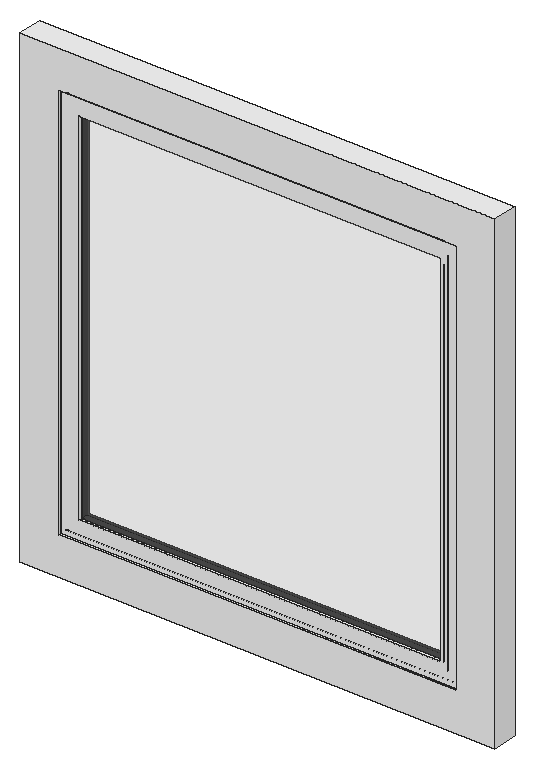
Revit family
Parameters (values of type "TH-PT0606")
  Height = 590 mm
  Head Height = 2125 mm
  Default Sill Height = Head Height - Height  # 1535 mm
  Wall Closure = (empty or 0)
  Width = 590 mm
Types (3, lengths in mm): name | Width
  (no name) | 590
  TH-PT0906 | 890
  TH-PT0606 | 590
Reference planes
  plane 1 "Center (Front/Back)": y = 0
  plane 2 "Center (Left/Right)": x = 0
  plane 3 "Left": x = -295
  plane 4 "Right": x = 295
  plane 5 "Sill": z = 1535
  plane 6 "Head": z = 2125
  plane 7 "Exterior": y = 100
  plane 8 "Interior": y = -100
  plane 9: y = -30.5
  plane 10: x = 0
Forms (mm)
  Sweep 1, solid, material "Default Frame"
    path origin (0, 100, 0) x (1, 0, 0) y (0, 0, 1)
      loop
        line (295, 2125) -> (-295, 2125) -> (-295, 1535) -> (295, 1535) -> (295, 2125)
    profile origin (0, 100, 2125) x (0, 0, -1) y (0, -1, 0)
      loop
        line (0, 115.25) -> (0, 84.75) -> (30.58, 84.75) -> (30.58, 87.464) -> (28.08, 86.021) -> (28.08, 113.85) -> (39.575, 113.85) -> (39.575, 111.85) -> (46.275, 111.85)
        arc (46.275, 111.85) -> (46.875, 111.25) -> (47.475, 111.85) r 0.6
        line (47.475, 111.85) -> (47.475, 115.25) -> (0, 115.25)
  Sweep 2, solid, material "Default Frame"
    path origin (-50, -100, -50) x (1, 0, 0) y (0, 0, -1)
      loop
        line (295, -2125) -> (295, -1634.96) -> (-195, -1634.96) -> (-195, -2125) -> (295, -2125)
    profile origin (0, -100, 2075) x (0, 0, 1) y (0, 1, 0)
      loop
        line (-2.36, 95.735) -> (-1.858, 90.997)
        arc (-1.858, 90.997) -> (-1.541, 90.736) -> (-1.26, 91.035) r 0.3
        line (-1.26, 91.035) -> (-1.26, 117.263) -> (-3.26, 116.536) -> (-3.26, 118.735) -> (-4.719, 118.735) -> (-17.687, 105.637) -> (-17.687, 104.637) -> (-5.88, 104.637) -> (-5.88, 105.637) -> (-2.36, 105.637) -> (-2.36, 95.735)
  Extrusion 3, solid, material "Glass"
    sketch origin (0, 0.5, 0) x (1, 0, 0) y (0, 0, 1)
      loop
        line (239.12, 2069.12) -> (-239.12, 2069.12) -> (-239.12, 1590.84) -> (239.12, 1590.84) -> (239.12, 2069.12)
    from 0 to 3
  Sweep 4, solid, material "Default Frame"
    path origin (-50, -100, -50) x (1, 0, 0) y (0, 0, -1)
      loop
        line (295, -2125) -> (295, -1635) -> (-195, -1635) -> (-195, -2125) -> (295, -2125)
    profile origin (0, -100, 2075) x (0, 0, 1) y (0, 1, 0)
      loop
        line (10.425, 88.75) -> (10.425, 91.464) -> (7.92, 90.018) -> (7.92, 117.85) -> (19.42, 117.85) -> (19.42, 115.85) -> (26.12, 115.85)
        arc (26.12, 115.85) -> (26.72, 115.25) -> (27.32, 115.85) r 0.6
        line (27.32, 115.85) -> (27.32, 119.25) -> (-3.26, 119.25) -> (-3.26, 116.536) -> (-0.76, 117.979) -> (-0.76, 90.15) -> (-12.255, 90.15) -> (-12.255, 92.15) -> (-18.955, 92.15)
        arc (-18.955, 92.15) -> (-19.555, 92.75) -> (-20.155, 92.15) r 0.6
        line (-20.155, 92.15) -> (-20.155, 88.75) -> (10.425, 88.75)
  Sweep 5, solid, material "Rubber seal"
    path origin (-50, -100, -50) x (1, 0, 0) y (0, 0, -1)
      loop
        line (295, -2125) -> (295, -1634.96) -> (-195, -1634.96) -> (-195, -2125) -> (295, -2125)
    profile origin (0, -100, 2075) x (0, 0, 1) y (0, 1, 0)
      loop
        line (-18.698, 104.637) -> (-22.835, 100.5) -> (-12.329, 100.5) -> (-12.329, 104.637) -> (-18.698, 104.637)
      loop
        line (-22.835, 97.5) -> (-19.555, 92.75) -> (-12.329, 92.75) -> (-12.329, 97.5) -> (-22.835, 97.5)
Lines and regions (mm)
  Opening 1
    outline origin (3500, -100, 0) x (1, 0, 0) y (0, 0, 1)
      loop
        line (-3205, 1535) -> (-3205, 2125) -> (-3795, 2125) -> (-3795, 1535) -> (-3205, 1535)
  symbolic lines, style "Elevation Swing"
    curve 1: line (272.32, 19.25, 2102.32) -> (0, 19.25, 1557.68)
    curve 2: line (0, 19.25, 1557.68) -> (-272.355, 19.25, 2102.355)
Text (mm)
  text "EXTERIOR" at (-1963.203, 1332.353, 0), in view "Ref. Level"
  text "INTERIOR" at (-1981.466, -818.386, 0), in view "Ref. Level"
  text "Exterior" at (0, 923.751, 2943.296), in view "Right"
  text "Exterior" at (0, 1040.484, 2685.409), in view "Left"
Dimensions and locks
  equal spacing: plane 3 "Left", plane 2 "Center (Left/Right)", plane 4 "Right"
  "Width": plane 3 "Left" to plane 4 "Right"
  "Height": plane 5 "Sill" to plane 6 "Head"
  "Default Sill Height": plane 5 "Sill" to level
  locked: plane 7 "Exterior" to host wall at 0
  locked: plane 8 "Interior" to host wall
  locked: Sweep 2 sketch curve to Sweep 4 at 3.3
  Extrusion 3 sketch curve to Sweep 4 = 2.62 mm  (x3)
  Sweep 4 to Extrusion 3 sketch curve = 2.58 mm
  equal spacing: plane 3 "Left", plane 10, plane 4 "Right"
  locked: Sweep 5 sketch curve to Sweep 4 at 3.3
  locked: Extrusion 3 to Sweep 2  (x2)
  aligned and locked: plane 10 to curve 2
Automatic sketch dimensions
  Opening 1 sketch curve to plane 3 "Left" = 0 mm
  Opening 1 sketch curve to plane 4 "Right" = 0 mm
  Opening 1 sketch curve to plane 5 "Sill" = 0 mm
  Opening 1 sketch curve to plane 6 "Head" = 0 mm
  Sweep 1 sketch curve to plane 3 "Left" = 0 mm
  Sweep 1 sketch curve to plane 4 "Right" = 0 mm
  Sweep 1 sketch curve to plane 5 "Sill" = 0 mm
  Sweep 1 sketch curve to plane 6 "Head" = 0 mm
  Sweep 2 sketch curve to plane 3 "Left" = 50 mm
  plane 4 "Right" to Sweep 2 sketch curve = 50 mm
  plane 6 "Head" to Sweep 2 sketch curve = 50 mm
  Sweep 4 sketch curve to plane 3 "Left" = 50 mm
  plane 4 "Right" to Sweep 4 sketch curve = 50 mm
  plane 6 "Head" to Sweep 4 sketch curve = 50 mm
  Sweep 5 sketch curve to plane 3 "Left" = 50 mm
  plane 4 "Right" to Sweep 5 sketch curve = 50 mm
  plane 6 "Head" to Sweep 5 sketch curve = 50 mm
  curve 1 to Sweep 4 = 0 mm  (x3)
  curve 2 to Sweep 4 = 0.035 mm
  Sweep 4 to curve 2 = 0.035 mm
  Sweep 4 sketch curve to Sweep 4 sketch curve = 490 mm
  Sweep 1 sketch curve to profile plane = 0 mm
  Sweep 1 sketch curve to Sweep 1 sketch curve = 11.495 mm
  Sweep 1 sketch curve to Sweep 1 sketch curve = 6.7 mm
  Sweep 1 sketch curve to Sweep 1 sketch curve = 0.6 mm
  profile plane to Sweep 1 sketch curve = 84.75 mm
  Sweep 1 sketch curve to Sweep 1 sketch curve = 1.271 mm
  Sweep 1 sketch curve to Sweep 1 sketch curve = 2 mm
  Sweep 1 sketch curve to Sweep 1 sketch curve = 3.4 mm
  Sweep 1 sketch curve to profile plane = 28.08 mm
  Sweep 1 sketch curve to Sweep 1 sketch curve = 25.829 mm
  Sweep 1 sketch curve to Sweep 1 sketch curve = 2.5 mm
  Sweep 1 sketch curve to Sweep 1 sketch curve = 1.443 mm
  profile plane to Sweep 4 sketch curve = 20.155 mm
  Sweep 4 sketch curve to Sweep 4 sketch curve = 0.6 mm  (x2)
  Sweep 4 sketch curve to Sweep 4 sketch curve = 6.7 mm  (x2)
  profile plane to Sweep 4 sketch curve = 3.26 mm
  profile plane to Sweep 4 sketch curve = 0.76 mm
  Sweep 4 sketch curve to Sweep 4 sketch curve = 2.505 mm
  Sweep 4 sketch curve to Sweep 4 sketch curve = 11.5 mm
  profile plane to Sweep 4 sketch curve = 88.75 mm
  Sweep 4 sketch curve to Sweep 4 sketch curve = 1.268 mm
  Sweep 4 sketch curve to Sweep 4 sketch curve = 3.4 mm  (x2)
  Sweep 4 sketch curve to Sweep 4 sketch curve = 1.314 mm
  Sweep 4 sketch curve to Sweep 4 sketch curve = 1.443 mm
  Sweep 4 sketch curve to profile plane = 7.92 mm
  Sweep 4 sketch curve to Sweep 4 sketch curve = 25.832 mm
  Sweep 4 sketch curve to Sweep 4 sketch curve = 2.714 mm
  Sweep 4 sketch curve to Sweep 4 sketch curve = 0.132 mm
  Sweep 4 sketch curve to Sweep 4 sketch curve = 1.446 mm
  profile plane to Sweep 2 sketch curve = 5.88 mm
  profile plane to Sweep 2 sketch curve = 4.719 mm
  Sweep 2 sketch curve to Sweep 2 sketch curve = 1.459 mm
  profile plane to Sweep 2 sketch curve = 2.36 mm
  profile plane to Sweep 2 sketch curve = 1.858 mm
  Sweep 2 sketch curve to Sweep 2 sketch curve = 0.298 mm
  Sweep 2 sketch curve to Sweep 2 sketch curve = 0.3 mm
  profile plane to Sweep 2 sketch curve = 90.997 mm
  Sweep 2 sketch curve to Sweep 2 sketch curve = 4.738 mm
  Sweep 2 sketch curve to Sweep 2 sketch curve = 8.902 mm
  Sweep 2 sketch curve to Sweep 2 sketch curve = 1 mm  (x2)
  Sweep 2 sketch curve to Sweep 2 sketch curve = 10.899 mm
  Sweep 2 sketch curve to Sweep 2 sketch curve = 0.728 mm
  Sweep 2 sketch curve to Sweep 2 sketch curve = 2.2 mm
  Sweep 2 sketch curve to Sweep 2 sketch curve = 11.806 mm
  profile plane to Sweep 5 sketch curve = 22.835 mm
  Sweep 5 sketch curve to Sweep 5 sketch curve = 0 mm
  Sweep 5 sketch curve to Sweep 5 sketch curve = 3.28 mm
  Sweep 5 sketch curve to Sweep 5 sketch curve = 4.137 mm  (x2)
  Sweep 5 sketch curve to Sweep 5 sketch curve = 6.37 mm
  Sweep 5 sketch curve to Sweep 5 sketch curve = 7.226 mm
  profile plane to Sweep 5 sketch curve = 92.75 mm
  Sweep 5 sketch curve to Sweep 5 sketch curve = 4.75 mm
  Sweep 5 sketch curve to Sweep 5 sketch curve = 3 mm
